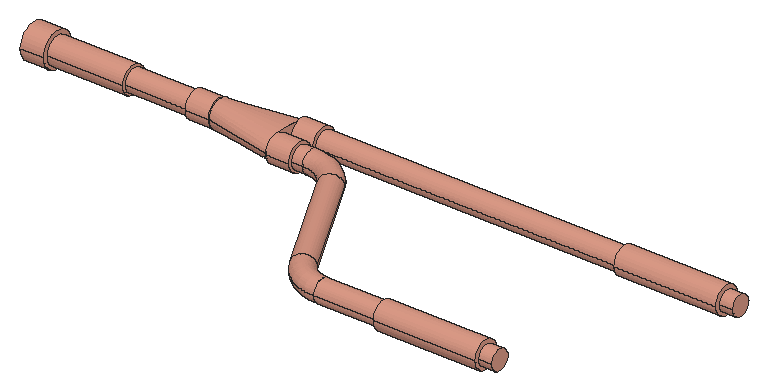
Revit family "outputfile", category 配管付属品, Revit 2024
Family settings
  丸型コネクタ寸法 = 半径を使用
  パーツ タイプ = 標準
  OmniClass 番号 = 23.65.55.00
  OmniClass タイトル = Distribution of Supplied Liquids/Gases
  作業面ベース = いいえ
  常に垂直 = はい
  ロード時にボイドで切り取り = いいえ
  共有 = いいえ
Parameters (values of type "BHRP26A33TA")
  Description = ""
  製造元 = "Daikin"
  書き出し IFC クラス(タイプ) = "IfcPipeFittingType"
  定義済み IFC タイプ(タイプ) = "JUNCTION"
  Cost = 0
  Type Comments = ""
  Keynote = ""
  Type Image = (empty or 0)
  Assembly Code = ""
  mm⇔inch [instance] = yes
  l_InletPipe4 = 10.0 mm
  built-in parameter 1114242 [instance] = (empty or 0)
  Default Elevation = 0.0 mm
  モデル = "BHRP26A33TA"
  table_StraightPipe [instance] = if(mm⇔inch, "Refnet Joint_BHRP26A-TA_Liquid_StraightPipe", "Refnet Joint_BHRP26A-TA_Liquid_StraightPipe_inch")  # "Refnet Joint_BHRP26A-TA_Liquid_StraightPipe"
  table_BranchPipe [instance] = if(mm⇔inch, "Refnet Joint_BHRP26A-TA_Liquid_BranchPipe", "Refnet Joint_BHRP26A-TA_Liquid_BranchPipe_inch")  # "Refnet Joint_BHRP26A-TA_Liquid_BranchPipe"
  table_Inlet [instance] = if(mm⇔inch, "Refnet Joint_BHRP26A-TA_Liquid_Inlet", "Refnet Joint_BHRP26A-TA_Liquid_Inlet_inch")  # "Refnet Joint_BHRP26A-TA_Liquid_Inlet"
  switch_StraightPipe_Reducer [instance] = if(Is_StraightPipe Reducer = 1, 1 = 1, 1 = 0)  # no
  switch_StraightPipe3 [instance] = if(number_StraightPipe = 3, 1 = 1, 1 = 0)  # no
  switch_StraightPipe2 [instance] = if(number_StraightPipe < 2, 1 = 0, 1 = 1)  # yes
  switch_BranchPipe_Reducer [instance] = if(Is_BranchPipe Reducer = 1, 1 = 1, 1 = 0)  # no
  switch_BranchPipe3 [instance] = if(number_BranchPipe = 3, 1 = 1, 1 = 0)  # no
  switch_BranchPipe2 [instance] = if(number_BranchPipe < 2, 1 = 0, 1 = 1)  # yes
  switch_Inlet pipe_Reducer [instance] = if(Is_Inlet Reducer = 1, 1 = 1, 1 = 0)  # no
  switch_Inlet pipe3 [instance] = if(number_InletPipe = 3, 1 = 1, 1 = 0)  # no
  switch_Inlet pipe2 [instance] = if(number_InletPipe < 2, 1 = 0, 1 = 1)  # yes
  Uniclass2015Version = "Products v1.31"
  Uniclass2015Title = "Copper pipe fittings"
  Uniclass2015Code = "Pr_65_52_63_18"
  URL = ""
  StraightPipe_Liquid_ActualDiameter [instance] = 6.4 mm
  Material_Piping = DAIKIN_Copper_Pipe
  Material_Insulation = DAIKIN_White_Insulation
  lw_Insulation [instance] = size_lookup(table_Inlet, "lw_Insulation", 38.0 mm, モデル)  # 28.0 mm
  Unit Type = "BHRP26A-TA_Liquid"
  Tag No. [instance] = ""
  StraightPipe_Liquid_Status [instance] = size_lookup(table_StraightPipe, "Information", "The connected pipe size is not available.", モデル, StraightPipe_Liquid_ActualDiameter)  # "Default connector size is used."
  Link_Nested Family [instance] = ""
  Inlet_Liquid_Actual Diameter [instance] = 12.7 mm
  IfcVersion = ""
  IfcExportType = "JUNCTION"
  IfcExportAs = "IfcPipeFittingType"
  BranchPipe_Liquid_Status [instance] = size_lookup(table_BranchPipe, "Information", "The connected pipe size is not available.", モデル, BranchPipe_Liquid_ActualDiameter)  # "Default connector size is used."
  Inlet_Liquid_Status [instance] = size_lookup(table_Inlet, "Information", "The connected pipe size is not available.", モデル, Inlet_Liquid_Actual Diameter)  # "Default connector size is used."
  Series = "Refnet Joint"
  O.R_dividePipe_Inlet [instance] = (I.D_InletPipe1 + 2.0 mm) / 2  # 5.75 mm
  r_StraightPipe_Connector [instance] = StraightPipe_Liquid_ActualDiameter / 2  # 3.2 mm
  r_BranchPipe_Connector [instance] = BranchPipe_Liquid_ActualDiameter / 2  # 3.2 mm
  r_Inlet_Connector [instance] = Inlet_Liquid_Actual Diameter / 2  # 6.35 mm
  number_StraightPipe [instance] = size_lookup(table_StraightPipe, "pipeNumber", 2, モデル, StraightPipe_Liquid_ActualDiameter)  # 2
  number_BranchPipe [instance] = size_lookup(table_BranchPipe, "pipeNumber", 2, モデル, BranchPipe_Liquid_ActualDiameter)  # 2
  number_InletPipe [instance] = size_lookup(table_Inlet, "pipeNumber", 1, モデル, Inlet_Liquid_Actual Diameter)  # 2
  r_BranchPipeR [instance] = size_lookup(table_BranchPipe, "r_offsetPipeR", 18.0 mm, モデル, BranchPipe_Liquid_ActualDiameter)  # 18.0 mm
  l_BranchPipe_Straight2 [instance] = size_lookup(table_BranchPipe, "L_offsetPipe2", 26.5 mm, モデル)  # 26.5 mm
  l_BranchPipe_Straight1 [instance] = size_lookup(table_BranchPipe, "L_offsetPipe1", 5.0 mm, モデル)  # 5.0 mm
  l_BranchPipe connector [instance] = size_lookup(table_BranchPipe, "Length", 150.0 mm, モデル, BranchPipe_Liquid_ActualDiameter)  # 150.0 mm
  l_inlet connector [instance] = size_lookup(table_Inlet, "Length", 70.0 mm, モデル, Inlet_Liquid_Actual Diameter)  # 80.0 mm
  l_dividePipe [instance] = size_lookup(table_Inlet, "L_devidePipe", 30.0 mm, モデル)  # 30.0 mm
  l_StraightPipeReducer [instance] = size_lookup(table_StraightPipe, "L_Reducer", 80.0 mm, モデル, StraightPipe_Liquid_ActualDiameter)  # 80.0 mm
  l_StraightPipe3 [instance] = size_lookup(table_StraightPipe, "L_Pipe3", 2.0 mm, モデル)  # 2.0 mm
  l_StraightPipe2 [instance] = size_lookup(table_StraightPipe, "L_Pipe2", 6.0 mm, モデル)  # 6.0 mm
  l_StraightPipe1 [instance] = size_lookup(table_StraightPipe, "L_Pipe1", 44.0 mm, モデル)  # 44.0 mm
  l_StraightPipe0 [instance] = size_lookup(table_StraightPipe, "L_Pipe0", 130.0 mm, モデル)  # 130.0 mm
  l_StraightPipe connector [instance] = size_lookup(table_StraightPipe, "Length", 190.0 mm, モデル, StraightPipe_Liquid_ActualDiameter)  # 190.0 mm
  l_BranchPipe Reducer [instance] = size_lookup(table_BranchPipe, "L_Reducer", 50.0 mm, モデル, BranchPipe_Liquid_ActualDiameter)  # 50.0 mm
  l_BranchPipe3 [instance] = size_lookup(table_BranchPipe, "L_Pipe3", 2.0 mm, モデル)  # 2.0 mm
  l_BranchPipe2 [instance] = size_lookup(table_BranchPipe, "L_Pipe2", 6.0 mm, モデル)  # 6.0 mm
  l_BranchPipe1 [instance] = size_lookup(table_BranchPipe, "L_Pipe1", 44.0 mm, モデル)  # 44.0 mm
  l_BranchPipe0 [instance] = size_lookup(table_BranchPipe, "L_Pipe0", 90.0 mm, モデル)  # 90.0 mm
  l_InletReducer [instance] = size_lookup(table_Inlet, "L_Reducer", 80.0 mm, モデル, Inlet_Liquid_Actual Diameter)  # 80.0 mm
  l_InletPipe3 [instance] = size_lookup(table_Inlet, "L_Pipe3", 2.0 mm, モデル)  # 2.0 mm
  l_InletPipe2 [instance] = size_lookup(table_Inlet, "L_Pipe2", 2.0 mm, モデル)  # 10.0 mm
  l_InletPipe1 [instance] = size_lookup(table_Inlet, "L_Pipe1", 7.0 mm, モデル)  # 33.0 mm
  l_InletPipe0 [instance] = size_lookup(table_Inlet, "L_Pipe0", 53.0 mm, モデル)  # 27.0 mm
  center_StraightPipe [instance] = size_lookup(table_StraightPipe, "center_Pipe", 6.5 mm, モデル)  # 6.5 mm
  center_BranchPipe2 [instance] = size_lookup(table_BranchPipe, "center_OffsetPipe", 73.5 mm, モデル)  # 73.5 mm
  center_BranchPipe1 [instance] = size_lookup(table_BranchPipe, "center_Pipe", 6.5 mm, モデル)  # 6.5 mm
  StraightPipe_Liquid_AvailableDiameter [instance] = size_lookup(table_StraightPipe, "sizeVariation", "", モデル)  # "6.4/9.5mm"
  BranchPipe_Liquid_AvailableDiameter [instance] = size_lookup(table_BranchPipe, "sizeVariation", "", モデル)  # "6.4/9.5mm"
  Inlet_Liquid_Available Diameter [instance] = size_lookup(table_Inlet, "sizeVariation", "", モデル)  # "9.5/12.7mm"
  O.D_StraightPipe Reducer [instance] = size_lookup(table_StraightPipe, "O.D_reducer", 2.0 mm, モデル, StraightPipe_Liquid_ActualDiameter)  # 2.0 mm
  O.D_Offset Outlet Reducer [instance] = size_lookup(table_BranchPipe, "O.D_reducer", 2.0 mm, モデル, BranchPipe_Liquid_ActualDiameter)  # 2.0 mm
  O.D_Inlet Reducer [instance] = size_lookup(table_Inlet, "O.D_reducer", 2.0 mm, モデル, Inlet_Liquid_Actual Diameter)  # 2.0 mm
  Is_StraightPipe Reducer [instance] = size_lookup(table_StraightPipe, "IsReducer", 0, モデル, StraightPipe_Liquid_ActualDiameter)  # 0
  Is_BranchPipe Reducer [instance] = size_lookup(table_BranchPipe, "IsReducer", 0, モデル, BranchPipe_Liquid_ActualDiameter)  # 0
  Is_Inlet Reducer [instance] = size_lookup(table_Inlet, "IsReducer", 0, モデル, Inlet_Liquid_Actual Diameter)  # 0
  BranchPipe_Liquid_ActualDiameter [instance] = 6.4 mm
  Attach_Insulation [instance] = no
  I.D_StraightPipe3 [instance] = size_lookup(table_StraightPipe, "I.D_PipeSize3", 2.0 mm, モデル)  # 2.0 mm
  I.D_StraightPipe2 [instance] = size_lookup(table_StraightPipe, "I.D_PipeSize2", 6.4 mm, モデル)  # 6.4 mm
  I.D_StraightPipe1 [instance] = size_lookup(table_StraightPipe, "I.D_PipeSize1", 9.5 mm, モデル)  # 9.5 mm
  I.D_StraightPipe0 [instance] = size_lookup(table_StraightPipe, "I.D_PipeSize0", 7.5 mm, モデル)  # 7.5 mm
  I.D_BranchPipe3 [instance] = size_lookup(table_BranchPipe, "I.D_PipeSize3", 2.0 mm, モデル)  # 2.0 mm
  I.D_BranchPipe2 [instance] = size_lookup(table_BranchPipe, "I.D_PipeSize2", 6.4 mm, モデル)  # 6.4 mm
  I.D_BranchPipe1 [instance] = size_lookup(table_BranchPipe, "I.D_PipeSize1", 9.5 mm, モデル)  # 9.5 mm
  I.D_BranchPipe0 [instance] = size_lookup(table_BranchPipe, "I.D_PipeSize0", 7.5 mm, モデル)  # 7.5 mm
  I.D_Straight Reducer [instance] = size_lookup(table_StraightPipe, "I.D_reducer", 2.0 mm, モデル, StraightPipe_Liquid_ActualDiameter)  # 2.0 mm
  I.D_OutletPipe [instance] = size_lookup(table_Inlet, "I.D_OutletPipeSize", 9.6 mm, モデル, Inlet_Liquid_Actual Diameter)  # 9.6 mm
  I.D_Branch Reducer [instance] = size_lookup(table_BranchPipe, "I.D_reducer", 2.0 mm, モデル, BranchPipe_Liquid_ActualDiameter)  # 2.0 mm
  I.D_Inlet Reducer [instance] = size_lookup(table_Inlet, "I.D_reducer", 2.0 mm, モデル, Inlet_Liquid_Actual Diameter)  # 2.0 mm
  I.D_InletPipe3 [instance] = size_lookup(table_Inlet, "I.D_PipeSize3", 2.0 mm, モデル)  # 2.0 mm
  I.D_InletPipe2 [instance] = size_lookup(table_Inlet, "I.D_PipeSize2", 2.0 mm, モデル)  # 12.7 mm
  I.D_InletPipe1 [instance] = size_lookup(table_Inlet, "I.D_PipeSize1", 9.5 mm, モデル)  # 9.5 mm
  I.D_InletPipe0 [instance] = size_lookup(table_Inlet, "I.D_PipeSize0", 7.5 mm, モデル)  # 7.5 mm
Reference planes
  plane 1 "Center (Front/Back)": y = 0
  plane 2: z = 0
  plane 3 "base_left": x = 0
  plane 4: x = 2
  plane 5: x = 12
  plane 6: x = 45
  plane 7: x = 72
  plane 8: x = 82
  plane 9: x = 112
  plane 10: x = 122
  plane 11 "center_straight outlet": y = 6.5
  plane 12 "center2_offset outlet": y = -73.5
  plane 13 "center1_offset outlet": y = -6.5
  plane 14: x = 252
  plane 15: x = 296
  plane 16: x = 302
  plane 17: x = 212
  plane 18: x = 256
  plane 19: x = 262
  plane 20: x = 304
  plane 21: x = 264
  plane 22 "Reducer_straightoutlet": x = 262
  plane 23: x = 302
  plane 24: y = -12.25
  plane 25: z = 5.75
  plane 26 "Inlet_connector": x = 2
  plane 27 "Left_Insulation": x = 54
Forms (mm)
  SweptBlend 1, solid, material "DAIKIN_Copper_Pipe" <- "Material_Piping"
    path origin (0, 0, 0) x (1, 0, 0) y (0, 1, 0)
      loop
        line (82, 0) -> (112, 0)
    profile origin (82, 0, 0) x (0, 1, 0) y (0, 0, 1)
      loop
        circle (0, 0) r 5.75
    end profile origin (112, 0, 0) x (0, 1, 0) y (0, 0, 1)
      loop
        spline (-12.25, 0) -> (-11.833, -1.488) -> (-10.609, -2.875) -> (-8.662, -4.066) -> (-6.125, -4.98) -> (-3.171, -5.554) -> (0, -5.75) -> (3.171, -5.554) -> (6.125, -4.98) -> (8.662, -4.066) -> (10.609, -2.875) -> (11.833, -1.488) -> (12.25, 0)
        spline (12.25, 0) -> (11.833, 1.488) -> (10.609, 2.875) -> (8.662, 4.066) -> (6.125, 4.98) -> (3.171, 5.554) -> (0, 5.75) -> (-3.171, 5.554) -> (-6.125, 4.98) -> (-8.662, 4.066) -> (-10.609, 2.875) -> (-11.833, 1.488) -> (-12.25, 0)
Dimensions and locks
  "l_InletPipe3": plane 3 "base_left" to plane 4
  "l_InletPipe2": plane 4 to plane 5
  "l_InletPipe1": plane 5 to plane 6
  "l_InletPipe0": plane 6 to plane 7
  "l_InletPipe4": plane 7 to plane 8
  "center_StraightPipe": plane 1 "Center (Front/Back)" to plane 11 "center_straight outlet"
  "center_BranchPipe2": plane 12 "center2_offset outlet" to plane 1 "Center (Front/Back)"
  "center_BranchPipe1": plane 13 "center1_offset outlet" to plane 1 "Center (Front/Back)"
  "l_dividePipe": plane 8 to plane 9
  plane 9 to plane 10 = 10.0 mm
  "l_StraightPipe0": plane 10 to plane 14
  "l_BranchPipe0": plane 10 to plane 17
  "l_BranchPipe1": plane 17 to plane 18
  "l_BranchPipe2": plane 18 to plane 19
  "l_StraightPipe1": plane 14 to plane 15
  "l_StraightPipe2": plane 15 to plane 16
  "l_StraightPipe3": plane 16 to plane 20
  "l_BranchPipe3": plane 19 to plane 21
  "l_BranchPipe connector": plane 9 to plane 22 "Reducer_straightoutlet"
  "l_StraightPipe connector": plane 9 to plane 23
  "O.R_dividePipe_Inlet": plane 24 to plane 13 "center1_offset outlet"
  "O.R_dividePipe_Inlet": plane 25 to plane 2
  "l_inlet connector": plane 26 "Inlet_connector" to plane 8
  "lw_Insulation": plane 27 "Left_Insulation" to plane 8
  "O.R_dividePipe_Inlet": radius of SweptBlend 1 sketch curve
  aligned and locked: level to plane 2
  aligned and locked: plane 2 to nested 1
  aligned and locked: plane 3 "base_left" to nested 1
  aligned and locked: plane 1 "Center (Front/Back)" to nested 1
  aligned and locked: plane 4 to nested 2
  aligned and locked: plane 1 "Center (Front/Back)" to nested 2
  aligned and locked: plane 5 to nested 2
  aligned and locked: plane 5 to nested 3
  aligned and locked: plane 6 to nested 3
  aligned and locked: plane 6 to nested 4
  aligned and locked: nested 4 to plane 7
  aligned and locked: nested 5 to plane 7
  aligned and locked: nested 5 to plane 8
  aligned and locked: plane 8 to SweptBlend 1 sketch curve
  aligned and locked: plane 9 to SweptBlend 1 sketch curve
  aligned and locked: plane 2 to SweptBlend 1 sketch curve  (x2)
  aligned and locked: plane 1 "Center (Front/Back)" to SweptBlend 1 sketch curve  (x2)
  aligned and locked: nested 6 to plane 9
  aligned and locked: nested 7 to plane 9
  aligned and locked: nested 6 to plane 11 "center_straight outlet"
  aligned and locked: nested 7 to plane 13 "center1_offset outlet"
  aligned and locked: nested 7 to plane 10
  aligned and locked: nested 6 to plane 10
  aligned and locked: nested 8 to plane 10
  aligned and locked: plane 14 to nested 8
  aligned and locked: nested 8 to plane 11 "center_straight outlet"
  aligned and locked: plane 14 to nested 9
  aligned and locked: nested 9 to plane 11 "center_straight outlet"
  aligned and locked: plane 15 to nested 9
  aligned and locked: nested 10 to plane 11 "center_straight outlet"
  aligned and locked: plane 15 to nested 10
  aligned and locked: plane 16 to nested 10
  aligned and locked: nested 11 to plane 12 "center2_offset outlet"
  aligned and locked: plane 17 to nested 11
  aligned and locked: plane 18 to nested 11
  aligned and locked: nested 12 to plane 12 "center2_offset outlet"
  aligned and locked: plane 18 to nested 12
  aligned and locked: plane 19 to nested 12
  aligned and locked: nested 13 to plane 10
  aligned and locked: nested 13 to plane 13 "center1_offset outlet"
  aligned and locked: nested 13 to plane 12 "center2_offset outlet"
  aligned and locked: plane 8 to nested 14
  aligned and locked: plane 1 "Center (Front/Back)" to nested 14
  aligned and locked: plane 11 "center_straight outlet" to nested 15
  aligned and locked: nested 15 to plane 9
  aligned and locked: nested 16 to plane 9
  aligned and locked: plane 12 "center2_offset outlet" to nested 16
  aligned and locked: nested 17 to plane 1 "Center (Front/Back)"
  aligned and locked: plane 16 to nested 18
  aligned and locked: plane 20 to nested 18
  aligned and locked: plane 19 to nested 19
  aligned and locked: plane 21 to nested 19
  aligned and locked: nested 20 to plane 12 "center2_offset outlet"
  aligned and locked: plane 23 to nested 21
  aligned and locked: nested 21 to plane 11 "center_straight outlet"
  aligned and locked: plane 4 to nested 1
  aligned and locked: plane 24 to SweptBlend 1 sketch curve
  aligned and locked: plane 25 to SweptBlend 1 sketch curve
  aligned and locked: nested 19 to plane 12 "center2_offset outlet"
  aligned and locked: nested 18 to plane 11 "center_straight outlet"
  aligned and locked: nested 17 to plane 26 "Inlet_connector"
  aligned and locked: plane 22 "Reducer_straightoutlet" to nested 20
  aligned and locked: plane 27 "Left_Insulation" to nested 22
  aligned and locked: plane 1 "Center (Front/Back)" to nested 22
Automatic sketch dimensions
  plane 1 "Center (Front/Back)" to SweptBlend 1 sketch curve = 0.0 mm
Nested families
  nested 1: "daikin_Pipe" at (1, 0, 0), I.D_Pipe <- "I.D_InletPipe3", display <- "switch_Inlet pipe3", type "*"
    with length_Pipe 2.0 mm, display no, O.D_Pipe 4.0 mm, I.D_Pipe 2.0 mm
  nested 2: "daikin_Pipe" at (7, 0, 0), I.D_Pipe <- "I.D_InletPipe2", display <- "switch_Inlet pipe2", type "*"
    with length_Pipe 10.0 mm, display yes, O.D_Pipe 14.7 mm, I.D_Pipe 12.7 mm
  nested 3: "daikin_Pipe" at (28.5, 0, 0), I.D_Pipe <- "I.D_InletPipe1", type "*"
    with length_Pipe 33.0 mm, display yes, O.D_Pipe 11.5 mm, I.D_Pipe 9.5 mm
  nested 4: "daikin_Pipe" at (58.5, 0, 0), I.D_Pipe <- "I.D_InletPipe0", type "*"
    with length_Pipe 27.0 mm, display yes, O.D_Pipe 9.5 mm, I.D_Pipe 7.5 mm
  nested 5: "daikin_Pipe" at (77, 0, 0), I.D_Pipe <- "I.D_InletPipe1", type "*"
    with length_Pipe 10.0 mm, display yes, O.D_Pipe 11.5 mm, I.D_Pipe 9.5 mm
  nested 6: "daikin_Pipe" at (117, 6.5, 0), I.D_Pipe <- "I.D_OutletPipe", type "*"
    with length_Pipe 10.0 mm, display yes, O.D_Pipe 11.6 mm, I.D_Pipe 9.6 mm
  nested 7: "daikin_Pipe" at (117, -6.5, 0), I.D_Pipe <- "I.D_OutletPipe", type "*"
    with length_Pipe 10.0 mm, display yes, O.D_Pipe 11.6 mm, I.D_Pipe 9.6 mm
  nested 8: "daikin_Pipe" at (187, 6.5, 0), I.D_Pipe <- "I.D_StraightPipe0", type "*"
    with length_Pipe 130.0 mm, display yes, O.D_Pipe 9.5 mm, I.D_Pipe 7.5 mm
  nested 9: "daikin_Pipe" at (274, 6.5, 0), I.D_Pipe <- "I.D_StraightPipe1", type "*"
    with length_Pipe 44.0 mm, display yes, O.D_Pipe 11.5 mm, I.D_Pipe 9.5 mm
  nested 10: "daikin_Pipe" at (299, 6.5, 0), I.D_Pipe <- "I.D_StraightPipe2", display <- "switch_StraightPipe2", type "*"
    with length_Pipe 6.0 mm, display yes, O.D_Pipe 8.4 mm, I.D_Pipe 6.4 mm
  nested 11: "daikin_Pipe" at (234, -73.5, 0), I.D_Pipe <- "I.D_BranchPipe1", type "*"
    with length_Pipe 44.0 mm, display yes, O.D_Pipe 11.5 mm, I.D_Pipe 9.5 mm
  nested 12: "daikin_Pipe" at (259, -73.5, 0), I.D_Pipe <- "I.D_BranchPipe2", display <- "switch_BranchPipe2", type "*"
    with length_Pipe 6.0 mm, display yes, O.D_Pipe 8.4 mm, I.D_Pipe 6.4 mm
  nested 13: "daikin_Pipe Ofsset" at (122, -6.5, 0), I.D_Pipe size <- "I.D_BranchPipe0", length_straight pipe1 <- "l_BranchPipe_Straight1", length_straight pipe2 <- "l_BranchPipe_Straight2", r_Pipe R <- "r_BranchPipeR", length_Pipe <- "l_BranchPipe0", type "*"
    with r_Pipe R 18.0 mm, length_straight pipe2 26.5 mm, length_straight pipe1 5.0 mm, length_offset center 67.0 mm, length_Pipe 90.0 mm, O.D_Pipe size 9.5 mm, I.D_Pipe size 7.5 mm
  nested 14: "daikin_connector_rotate2" at (82, 0, 0) x (0, -1, 0) z (0, 0, 1), length <- "l_inlet connector", type "daikin_connector_rotate2"
    with radius 5.0 mm, length 80.0 mm, angle_vertical 90.00°, locaton_mark no
  nested 15: "daikin_connector_rotate2" at (112, 6.5, 0) x (0, 1, 0) z (0, 0, 1), length <- "l_StraightPipe connector", type "daikin_connector_rotate2"
    with radius 5.0 mm, length 190.0 mm, angle_vertical 90.00°, locaton_mark no
  nested 16: "daikin_connector_rotate2" at (112, -73.5, 0) x (0, 1, 0) z (0, 0, 1), length <- "l_BranchPipe connector", type "daikin_connector_rotate2"
    with radius 5.0 mm, length 150.0 mm, angle_vertical 90.00°, locaton_mark no
  nested 17: "daikin_Pipe_reducer" at (42, 0, 0) x (-1, 0, 0) z (0, 0, 1), display <- "switch_Inlet pipe_Reducer", length_Pipe <- "l_InletReducer", I.D_Pipe1 <- "I.D_Inlet Reducer", O.D_Pipe2 <- "O.D_Inlet Reducer", type "*"
    with length_Pipe 80.0 mm, display no, O.D_Pipe2 2.0 mm, O.D_Pipe1 4.0 mm, I.D_Pipe2 0.0 mm, I.D_Pipe1 2.0 mm
  nested 18: "daikin_Pipe" at (303, 6.5, 0), I.D_Pipe <- "I.D_StraightPipe3", display <- "switch_StraightPipe3", type "*"
    with length_Pipe 2.0 mm, display no, O.D_Pipe 4.0 mm, I.D_Pipe 2.0 mm
  nested 19: "daikin_Pipe" at (263, -73.5, 0), I.D_Pipe <- "I.D_BranchPipe3", display <- "switch_BranchPipe3", type "*"
    with length_Pipe 2.0 mm, display no, O.D_Pipe 4.0 mm, I.D_Pipe 2.0 mm
  nested 20: "daikin_Pipe_reducer" at (237, -73.5, 0), I.D_Pipe1 <- "I.D_Branch Reducer", O.D_Pipe2 <- "O.D_Offset Outlet Reducer", length_Pipe <- "l_BranchPipe Reducer", display <- "switch_BranchPipe_Reducer", type "*"
    with length_Pipe 50.0 mm, display no, O.D_Pipe2 2.0 mm, O.D_Pipe1 4.0 mm, I.D_Pipe2 0.0 mm, I.D_Pipe1 2.0 mm
  nested 21: "daikin_Pipe_reducer" at (262, 6.5, 0), I.D_Pipe1 <- "I.D_Straight Reducer", O.D_Pipe2 <- "O.D_StraightPipe Reducer", length_Pipe <- "l_StraightPipeReducer", display <- "switch_StraightPipe_Reducer", type "*"
    with length_Pipe 80.0 mm, display no, O.D_Pipe2 2.0 mm, O.D_Pipe1 4.0 mm, I.D_Pipe2 0.0 mm, I.D_Pipe1 2.0 mm
  nested 22: "daikin_Insulation_RefnetJoint" at (54, 0, 0), I.D_Outlet PipeSize <- "I.D_OutletPipe", type "*"
    with h 41.6 mm, I.D_Outlet PipeSize 9.6 mm
Connectors
  piping at (2, 0, 0), diameter 12.7, driven by "r_Inlet_Connector"
    settings: on nested 14, index 1, connector inside diameter 609.6 mm, connector length 0.0 mm, flow factor 0, pipe flow 0.00 m³/h, pressure drop 0.0 Pa, fitting loss kfactor 0, connector angle 0.00°, fixture units 0, engagement length 0.0 mm, angle of deflection 0.00°, flow configuration 0, flow direction 1, fitting loss method 0, system type 29, joint type 0, gender type 0, connector reference index -1, connector utility 0, adjustable connector no, is connector primary yes, connector description "Refnet Joint_Inlet_Liquid"
  piping at (262, -73.5, 0), diameter 6.4, driven by "r_BranchPipe_Connector"
    settings: on nested 16, index 2, connector inside diameter 609.6 mm, connector length 0.0 mm, flow factor 0, pipe flow 0.00 m³/h, pressure drop 0.0 Pa, fitting loss kfactor 0, connector angle 0.00°, fixture units 0, engagement length 0.0 mm, angle of deflection 0.00°, flow configuration 0, flow direction 2, fitting loss method 0, system type 29, joint type 0, gender type 0, connector reference index -1, connector utility 0, adjustable connector no, is connector primary no, connector description "Refnet Joint_Outlet Branch_Liquid"
  piping at (302, 6.5, 0), diameter 6.4, driven by "r_StraightPipe_Connector"
    settings: on nested 15, index 3, connector inside diameter 609.6 mm, connector length 0.0 mm, flow factor 0, pipe flow 0.00 m³/h, pressure drop 0.0 Pa, fitting loss kfactor 0, connector angle 0.00°, fixture units 0, engagement length 0.0 mm, angle of deflection 0.00°, flow configuration 0, flow direction 2, fitting loss method 0, system type 29, joint type 0, gender type 0, connector reference index -1, connector utility 0, adjustable connector no, is connector primary no, connector description "Refnet Joint_Outlet Straight_Liquid"
Definition of nested family "daikin_Pipe"
  Parameters (values of type "*")
    Default Elevation = 0.0 mm
    material = none
    length_Pipe [instance] = 150.0 mm
    display [instance] = yes
    O.D_Pipe [instance] = I.D_Pipe + 2.0 mm  # 27.0 mm
    I.D_Pipe [instance] = 25.0 mm
  Reference planes
    plane 1 "Center (Front/Back)": y = 0
    plane 2 "center(vertical)": z = 0
    plane 3 "Center (Left/Right)": x = 0
    plane 4 "left": x = -75
    plane 5 "right": x = 75
  Forms (mm)
    Extrusion 1, solid, material <- "material", visible <- "display"
      sketch origin (0, 0, 0) x (0, 1, 0) y (0, 0, 1)
        loop
          circle (0, 0) r 13.5
      from -75 to 75
  Dimensions and locks
    equal spacing: plane 4 "left", plane 3 "Center (Left/Right)", plane 5 "right"
    "length_Pipe": plane 4 "left" to plane 5 "right"
    "O.D_Pipe": diameter of Extrusion 1 sketch curve
    aligned and locked: level to plane 2 "center(vertical)"
    aligned and locked: plane 2 "center(vertical)" to Extrusion 1 sketch curve
    aligned and locked: plane 1 "Center (Front/Back)" to Extrusion 1 sketch curve
    aligned and locked: plane 5 "right" to Extrusion 1
    aligned and locked: Extrusion 1 to plane 4 "left"
Definition of nested family "daikin_Pipe Ofsset"
  Parameters (values of type "*")
    Default Elevation = 0.0 mm
    r_Pipe R [instance] = 18.0 mm
    material = none
    length_straight pipe2 [instance] = 25.5 mm
    length_straight pipe1 [instance] = 5.0 mm
    length_offset center [instance] = 67.5 mm
    length_Pipe [instance] = 90.0 mm
    O.D_Pipe size [instance] = I.D_Pipe size + 2.0 mm  # 12.0 mm
    I.D_Pipe size [instance] = 10.0 mm
  Reference planes
    plane 1 "Center (Front/Back)": y = 0
    plane 2: z = 0
    plane 3 "Center (Left/Right)": x = 0
    plane 4: y = -67.5
    plane 5: x = 90
    plane 6: x = 64.5
    plane 7: x = 5
  Forms (mm)
    Sweep 1, solid, material <- "material"
      path origin (0, 0, 0) x (1, 0, 0) y (0, 1, 0)
        loop
          line (0, 0) -> (5, 0)
          arc (5, 0) -> (14.03, -2.429) -> (20.623, -9.061) r 18
          line (20.623, -9.061) -> (48.877, -58.439)
          arc (48.877, -58.439) -> (55.47, -65.071) -> (64.5, -67.5) r 18
          line (64.5, -67.5) -> (90, -67.5)
      profile origin (2.5, 0, 0) x (0, 1, 0) y (0, 0, 1)
        loop
          circle (0, 0) r 6
  Dimensions and locks
    "length_offset center": plane 4 to plane 1 "Center (Front/Back)"
    "length_straight pipe1": plane 3 "Center (Left/Right)" to plane 7
    "length_Pipe": plane 3 "Center (Left/Right)" to plane 5
    "length_straight pipe2": plane 6 to plane 5
    "O.D_Pipe size": diameter of Sweep 1 sketch curve
    "r_Pipe R": radius of Sweep 1 sketch curve  (x2)
    aligned and locked: level to plane 2
    aligned and locked: plane 1 "Center (Front/Back)" to Sweep 1 sketch curve
    aligned and locked: profile plane to Sweep 1 sketch curve
    aligned and locked: plane 5 to Sweep 1 sketch curve
    aligned and locked: plane 7 to Sweep 1 sketch curve
    aligned and locked: plane 6 to Sweep 1 sketch curve
  Automatic sketch dimensions
    plane 1 "Center (Front/Back)" to Sweep 1 sketch curve = 0.0 mm
    Sweep 1 sketch curve to plane 3 "Center (Left/Right)" = 0.0 mm
    plane 4 to Sweep 1 sketch curve = 0.0 mm
Definition of nested family "daikin_connector_rotate2"
  Parameters (values of type "daikin_connector_rotate2")
    show_face = no
    radius [instance] = 10.0 mm
    locaton_mark = yes
    length [instance] = 600.0 mm
    d_surface = 10.0 mm
    angle_vertical [instance] = 90.00°
    Default Elevation = 0.0 mm
  Reference planes
    plane 1 "Center (Front/Back)": y = 0
    plane 2: z = 0
    plane 3 "Center (Left/Right)": x = 0
  Forms (mm)
    Extrusion 1, solid, visible <- "show_face"
      sketch origin (0, -600, 0) x (1, 0, 0) y (0, 0, 1)
        loop
          circle (0, 0) r 10
      from 0 to -10
  Lines and regions (mm)
    reference lines
      curve 1: line (0, 0, 0) -> (0, -600, 0)
    symbolic lines, visible <- "locaton_mark"
      curve 2: circle (0, 0, 0) r 5 normal (0, 0, 1)
    model lines, visible <- "show_face"
      curve 3: line (0, 0, 0) -> (0, -600, 0)
  Dimensions and locks
    "length": curve 1 to curve 1
    "length": curve 3 to curve 3
    "d_surface": Extrusion 1 to Extrusion 1
    "radius": radius of Extrusion 1 sketch curve
    "angle_vertical": angle curve 1 to plane 1 "Center (Front/Back)"
    "angle_vertical": angle curve 3 to plane 1 "Center (Front/Back)"
    aligned and locked: level to plane 2
    aligned and locked: plane 1 "Center (Front/Back)" to curve 1
    aligned and locked: plane 2 to curve 1
    aligned and locked: plane 1 "Center (Front/Back)" to curve 2
    aligned and locked: plane 3 "Center (Left/Right)" to curve 2
    aligned and locked: plane 1 "Center (Front/Back)" to curve 3
    aligned and locked: plane 2 to curve 3
    aligned and locked: Extrusion 1 to Extrusion 1
  Automatic sketch dimensions
    Extrusion 1 sketch curve to level = 0.0 mm
    Extrusion 1 sketch curve to plane 3 "Center (Left/Right)" = 0.0 mm
    radius of curve 2 = 5.0 mm
Definition of nested family "daikin_Pipe_reducer"
  Parameters (values of type "*")
    Default Elevation = 0.0 mm
    material = none
    length_Pipe [instance] = 250.0 mm
    display [instance] = yes
    O.D_Pipe2 [instance] = 19.1 mm
    O.D_Pipe1 [instance] = I.D_Pipe1 + 2.0 mm  # 24.2 mm
    I.D_Pipe2 [instance] = O.D_Pipe2 - 2.0 mm  # 17.1 mm
    I.D_Pipe1 [instance] = 22.2 mm
  Reference planes
    plane 1 "Center (Front/Back)": y = 0
    plane 2 "center(vertical)": z = 0
    plane 3 "Center (Left/Right)": x = 0
    plane 4 "connection": x = -125
    plane 5 "right": x = 113
    plane 6: x = 125
  Forms (mm)
    Extrusion 1, solid, material <- "material", visible <- "display"
      sketch origin (0, 0, 0) x (0, 1, 0) y (0, 0, 1)
        loop
          circle (0, 0) r 9.55
      from -125 to 113
    Extrusion 2, solid, material <- "material", visible <- "display"
      sketch origin (0, 0, 0) x (0, 1, 0) y (0, 0, 1)
        loop
          circle (0, 0) r 12.1
      from 113 to 125
  Dimensions and locks
    locked: plane 5 "right" to plane 6 at 12
    "length_Pipe": plane 4 "connection" to plane 6
    equal spacing: plane 4 "connection", plane 3 "Center (Left/Right)", plane 6
    "O.D_Pipe2": diameter of Extrusion 1 sketch curve
    "O.D_Pipe1": diameter of Extrusion 2 sketch curve
    aligned and locked: level to plane 2 "center(vertical)"
    aligned and locked: plane 2 "center(vertical)" to Extrusion 1 sketch curve
    aligned and locked: plane 1 "Center (Front/Back)" to Extrusion 1 sketch curve
    aligned and locked: plane 5 "right" to Extrusion 1
    aligned and locked: Extrusion 1 to plane 4 "connection"
    aligned and locked: plane 2 "center(vertical)" to Extrusion 2 sketch curve
    aligned and locked: plane 1 "Center (Front/Back)" to Extrusion 2 sketch curve
    aligned and locked: Extrusion 2 to plane 5 "right"
    aligned and locked: plane 6 to Extrusion 2
Definition of nested family "daikin_Insulation_RefnetJoint"
  Parameters (values of type "*")
    r_Insulation = size_lookup(table_Insulation, "r_Insulation", 17.0 mm, Model)  # 17.0 mm
    h_Insulation = size_lookup(table_Insulation, "h_Insulation", 146.0 mm, Model)  # 146.0 mm
    d_Insulation3_3 = size_lookup(table_Insulation, "d_Insulation3_3", 64.0 mm, Model)  # 64.0 mm
    d_Insulation2_2 = size_lookup(table_Insulation, "d_Insulation2_2", 30.0 mm, Model)  # 30.0 mm
    d_Insulation1_1 = size_lookup(table_Insulation, "d_Insulation1_1", 22.0 mm, Model)  # 22.0 mm
    Default Elevation = 0.0 mm
    Model = "BHRP26A22TA"
    w_Insulation5 = size_lookup(table_Insulation, "w_Insulation5", 153.0 mm, Model)  # 153.0 mm
    w_Insulation4 = size_lookup(table_Insulation, "w_Insulation4", 51.5 mm, Model)  # 51.5 mm
    w_Insulation3 = size_lookup(table_Insulation, "w_Insulation3", 33.1 mm, Model)  # 33.1 mm
    w_Insulation2 = size_lookup(table_Insulation, "w_Insulation2", 35.3 mm, Model)  # 35.3 mm
    w_Insulation1 = size_lookup(table_Insulation, "w_Insulation1", 1.0 mm, Model)  # 1.0 mm
    table_Insulation = "Refnet Joint_BHRP26A-TA_Liquid_Insulation"  # constant formula
    material = none
    h [instance] = (I.D_Outlet PipeSize + 2.0 mm) + 30.0 mm  # 47.0 mm
    display = no
    d_Insulation3 = size_lookup(table_Insulation, "d_Insulation3", 63.0 mm, Model)  # 63.0 mm
    d_Insulation2 = size_lookup(table_Insulation, "d_Insulation2", 32.0 mm, Model)  # 32.0 mm
    d_Insulation1 = size_lookup(table_Insulation, "d_Insulation1", 24.0 mm, Model)  # 24.0 mm
    I.D_Outlet PipeSize [instance] = 15.0 mm
  Reference planes
    plane 1 "Center (Front/Back)": y = 0
    plane 2: z = 0
    plane 3 "Left": x = 0
    plane 4 "top": z = 23.5
    plane 5 "bottom": z = -23.5
    plane 6: x = 1
    plane 7: x = 35.3
    plane 8: y = 22
    plane 9: y = -24
    plane 10: y = 30
    plane 11: y = -32
    plane 12: y = -97
    plane 13: x = 153
    plane 14: y = -34
    plane 15: x = 68.4
    plane 16: x = 101.5
    plane 17: x = 146
  Forms (mm)
    Extrusion 1, solid, material <- "material", visible <- "display"
      sketch origin (-21, 0, 0) x (1, 0, 0) y (0, 1, 0)
        loop
          line (22, 22) -> (21, 22) -> (21, -24) -> (22, -24) -> (56.3, -32) -> (89.4, -32) -> (122.5, -97) -> (174, -97) -> (174, -51) -> (167, -51)
          arc (167, -51) -> (150, -34) -> (167, -17) r 17
          line (167, -17) -> (174, -17) -> (174, 30) -> (56.3, 30) -> (22, 22)
      from -23.5 to 23.5
  Dimensions and locks
    equal spacing: plane 4 "top", plane 2, plane 5 "bottom"
    "h": plane 4 "top" to plane 5 "bottom"
    "w_Insulation1": plane 3 "Left" to plane 6
    "w_Insulation2": plane 3 "Left" to plane 7
    "w_Insulation5": plane 3 "Left" to plane 13
    "w_Insulation3": plane 7 to plane 15
    "w_Insulation4": plane 16 to plane 13
    "d_Insulation1": plane 1 "Center (Front/Back)" to plane 9
    "d_Insulation1_1": plane 8 to plane 1 "Center (Front/Back)"
    "d_Insulation2": plane 1 "Center (Front/Back)" to plane 11
    "d_Insulation2_2": plane 10 to plane 1 "Center (Front/Back)"
    "d_Insulation3_3": plane 10 to plane 14
    "d_Insulation3": plane 14 to plane 12
    "r_Insulation": Extrusion 1 sketch curve to plane 14
    "r_Insulation": plane 14 to Extrusion 1 sketch curve
    "h_Insulation": plane 3 "Left" to plane 17
    "r_Insulation": radius of Extrusion 1 sketch curve
    aligned and locked: level to plane 2
    aligned and locked: Extrusion 1 to plane 5 "bottom"
    aligned and locked: plane 4 "top" to Extrusion 1
    aligned and locked: plane 6 to Extrusion 1  (x2)
    aligned and locked: plane 7 to Extrusion 1  (x2)
    aligned and locked: plane 6 to Extrusion 1 sketch curve
    aligned and locked: Extrusion 1 sketch curve to plane 11
    aligned and locked: plane 7 to Extrusion 1 sketch curve  (x2)
    aligned and locked: Extrusion 1 sketch curve to plane 10
    aligned and locked: Extrusion 1 sketch curve to plane 12
    aligned and locked: Extrusion 1 sketch curve to plane 13  (x2)
    aligned and locked: plane 16 to Extrusion 1 sketch curve
    aligned and locked: plane 15 to Extrusion 1 sketch curve
    aligned and locked: plane 17 to Extrusion 1 sketch curve
  Automatic sketch dimensions
    Extrusion 1 sketch curve to plane 3 "Left" = 0.0 mm
    Extrusion 1 sketch curve to plane 6 = 0.0 mm
    Extrusion 1 sketch curve to plane 9 = 0.0 mm
    Extrusion 1 sketch curve to plane 8 = 0.0 mm
